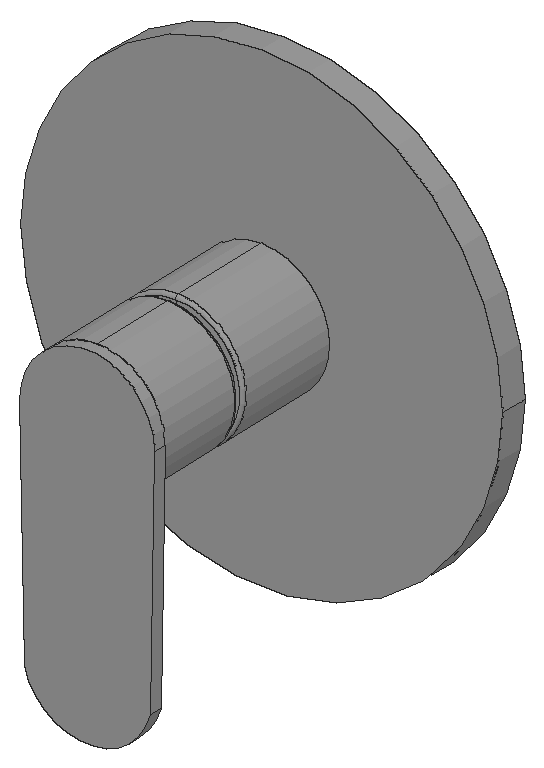
Revit family "MZ RECEP URBAN ANTIQUE BRONZE", category Plumbing Fixtures, Revit 2019
Family settings
  Round Connector Dimension = Use Diameter
  Part Type = Normal
  OmniClass Number = 23.45.00.00
  OmniClass Title = Sanitary, Laundry, and Cleaning Equipment
  Work Plane-Based = No
  Always vertical = Yes
  Cut with Voids When Loaded = No
  Shared = No
  Room Calculation Point = No
Reference planes
  plane 1 "Center (Front/Back)": y = 0
  plane 2: z = 0
  plane 3 "Center (Left/Right)": x = 0
Forms (mm)
  Revolve 1, solid
    sketch origin (72.511, -50.46, 70) x (0, 0, 1) y (0, -1, 0)
      loop
        line (-70, 13.194) -> (-70, 77.122) -> (-91, 77.122) -> (-91, 49.998)
        arc (-91, 49.998) -> (-90.708, 49.292) -> (-90.002, 49) r 0.998
        line (-90.002, 49) -> (-85.735, 49)
        arc (-85.735, 49) -> (-86.908, 47.98) -> (-87.608, 46.591) r 4.029
        line (-87.608, 46.591) -> (-89.991, 46.591)
        arc (-89.991, 46.591) -> (-90.704, 46.295) -> (-91, 45.582) r 1.009
        line (-91, 45.582) -> (-91, 13.194) -> (-70, 13.194)
      axis (-70, 13.194) -> (-70, 77.122)
    angle from 0 to 360
  Extrusion 2, solid
    sketch origin (0, -50.46, 65) x (1, 0, 0) y (0, 0, 1)
      loop
        line (51.511, -65) -> (52.803, -139.002)
        arc (52.803, -139.002) -> (72.511, -154) -> (92.22, -139.002) r 20.448
        line (92.22, -139.002) -> (93.511, -65)
        arc (93.511, -65) -> (72.511, -44) -> (51.511, -65) r 21
    from 77.122 to 81.081
  Extrusion 3, solid
    sketch origin (0, 0, 0) x (1, 0, 0) y (0, 0, 1)
      loop
        circle (72.511, 0) r 75
    from 55.115 to 63.615
Dimensions and locks
  aligned and locked: level to plane 2
